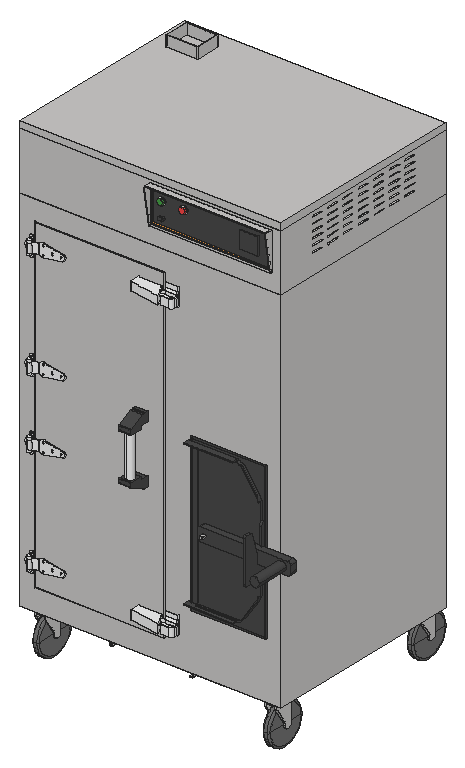
Revit family "QF_Southern Pride_SRG-400", category Specialty Equipment, Revit 2019 (continued)
Dimensions and locks
  locked: plane 3 "RIGHT" to Extrusion 22 sketch curve at 79.375
  locked: plane 4 "TOP" to plane 33 "Top Inside" at 254
  locked: Extrusion 28 sketch curve to plane 3 "RIGHT" at 3.175
  locked: plane 5 "LEFT" to Extrusion 28 sketch curve at 3.175
  locked: Extrusion 28 sketch curve to plane 1 "BACK" at 3.175
  locked: Extrusion 28 sketch curve to plane 6 "FRONT" at 3.175
  locked: plane 4 "TOP" to plane 34 at 25.4
  aligned and locked: level to plane 2
  aligned and locked: plane 5 "LEFT" to Extrusion 1 sketch curve
  aligned and locked: plane 7 "Box Bottom" to Extrusion 1 sketch curve
  aligned and locked: Extrusion 1 sketch curve to plane 3 "RIGHT"
  aligned and locked: plane 6 "FRONT" to Extrusion 1
  aligned and locked: plane 6 "FRONT" to Extrusion 2
  aligned and locked: plane 8 "Vent Top" to Extrusion 3
  aligned and locked: plane 15 "Control Panel Left Inside" to Extrusion 4
  aligned and locked: Extrusion 5 sketch curve to plane 6 "FRONT"
  aligned and locked: plane 14 "Control Panel Right" to Extrusion 5
  aligned and locked: Extrusion 4 sketch curve to plane 6 "FRONT"
  aligned and locked: Extrusion 6 sketch curve to plane 6 "FRONT"
  aligned and locked: plane 16 "Control Panel Right Inside" to Extrusion 6
  aligned and locked: plane 1 "BACK" to curve 1
  aligned and locked: plane 5 "LEFT" to curve 2
  aligned and locked: curve 3 to plane 3 "RIGHT"
  aligned and locked: plane 3 "RIGHT" to curve 4
  aligned and locked: plane 6 "FRONT" to curve 4
  aligned and locked: plane 22 "Gas Connection CL FB" to Extrusion 17
  aligned and locked: plane 23 "Rear Clearance" to Extrusion 23 sketch curve
  aligned and locked: plane 26 "Gearbox Clearance" to Extrusion 23 sketch curve
  aligned and locked: Extrusion 23 sketch curve to plane 27 "Firebox Side Clearance"
  aligned and locked: Extrusion 24 to plane 26 "Gearbox Clearance"
  aligned and locked: plane 6 "FRONT" to Extrusion 24
  aligned and locked: Extrusion 25 sketch curve to plane 6 "FRONT"
  aligned and locked: Extrusion 25 sketch curve to plane 27 "Firebox Side Clearance"
  aligned and locked: Extrusion 26 sketch curve to plane 24 "Front Clearance"
  aligned and locked: Extrusion 26 sketch curve to plane 3 "RIGHT"
  aligned and locked: plane 5 "LEFT" to Extrusion 26 sketch curve
  aligned and locked: plane 1 "BACK" to Extrusion 27 sketch curve
  aligned and locked: plane 3 "RIGHT" to Extrusion 27
  aligned and locked: plane 4 "TOP" to Extrusion 23
  aligned and locked: plane 4 "TOP" to Extrusion 25
  aligned and locked: plane 4 "TOP" to Extrusion 24
  aligned and locked: plane 4 "TOP" to Extrusion 26
  aligned and locked: plane 23 "Rear Clearance" to curve 29
  aligned and locked: plane 6 "FRONT" to curve 28
  aligned and locked: plane 6 "FRONT" to curve 30
  aligned and locked: plane 5 "LEFT" to curve 31
  aligned and locked: plane 3 "RIGHT" to curve 31
  aligned and locked: plane 24 "Front Clearance" to curve 31
  aligned and locked: plane 26 "Gearbox Clearance" to curve 28
  aligned and locked: curve 30 to plane 27 "Firebox Side Clearance"
  aligned and locked: Extrusion 6 sketch curve to plane 29 "Control Panel Top"
  aligned and locked: plane 28 "Control Panel Bottom" to Extrusion 6 sketch curve
  aligned and locked: Extrusion 4 sketch curve to plane 28 "Control Panel Bottom"
  aligned and locked: plane 28 "Control Panel Bottom" to Extrusion 5 sketch curve
  aligned and locked: Extrusion 23 sketch curve to plane 30 "Access Back"
  aligned and locked: plane 25 "Top Clearance" to Extrusion 27
  aligned and locked: plane 30 "Access Back" to Extrusion 24 sketch curve
  aligned and locked: plane 30 "Access Back" to Extrusion 25 sketch curve
  aligned and locked: Extrusion 27 sketch curve to plane 6 "FRONT"
  aligned and locked: plane 3 "RIGHT" to Extrusion 25 sketch curve
  aligned and locked: Extrusion 24 sketch curve to plane 5 "LEFT"
  aligned and locked: Extrusion 27 to plane 8 "Vent Top"
  aligned and locked: Extrusion 1 sketch curve to plane 33 "Top Inside"
  aligned and locked: plane 5 "LEFT" to Extrusion 28 sketch curve
  aligned and locked: plane 1 "BACK" to Extrusion 28 sketch curve
  aligned and locked: Extrusion 28 sketch curve to plane 3 "RIGHT"
  aligned and locked: Extrusion 28 sketch curve to plane 6 "FRONT"
  aligned and locked: plane 34 to Extrusion 28
  aligned and locked: plane 1 "BACK" to Extrusion 29 sketch curve
  aligned and locked: plane 5 "LEFT" to Extrusion 29 sketch curve
  aligned and locked: Extrusion 29 sketch curve to plane 6 "FRONT"
  aligned and locked: Extrusion 29 sketch curve to plane 3 "RIGHT"
  aligned and locked: Extrusion 29 to plane 34
  aligned and locked: nested 2 to plane 6 "FRONT"
  aligned and locked: plane 3 "RIGHT" to Extrusion 30
Automatic sketch dimensions
  Extrusion 6 sketch curve to plane 29 "Control Panel Top" = 0.000"
  Extrusion 8 sketch curve to Extrusion 8 sketch curve = 0.1875"
  Extrusion 8 sketch curve to Extrusion 8 sketch curve = 0.125"
  Extrusion 10 sketch curve to Extrusion 10 sketch curve = 0.1875"
  Extrusion 10 sketch curve to Extrusion 10 sketch curve = 0.125"
  Revolve 14 sketch curve to plane 19 "Gas Connection to Box" = 0.000"
  Revolve 14 sketch curve to plane 1 "BACK" = 0.000"
  Revolve 14 sketch curve to Revolve 14 sketch curve = 0.428"
  Revolve 14 sketch curve to Revolve 14 sketch curve = 0.245"
  plane 19 "Gas Connection to Box" to Revolve 14 sketch curve = 0.250"
  Revolve 14 sketch curve to Revolve 14 sketch curve = 0.175"
  Revolve 14 sketch curve to Revolve 14 sketch curve = 0.1765"
  Revolve 14 sketch curve to plane 24 "Front Clearance" = 9.62416"
  Revolve 14 sketch curve to plane 23 "Rear Clearance" = 9.22105"
  Sweep 15 sketch curve to plane 19 "Gas Connection to Box" = 0.000"
  Sweep 15 sketch curve to plane 22 "Gas Connection CL FB" = 0.000"
  Sweep 15 sketch curve to plane 1 "BACK" = 0.750"
  Sweep 15 sketch curve to Sweep 15 sketch curve = 0.077"
  Sweep 15 sketch curve to Sweep 15 sketch curve = 0.125"
  Sweep 15 sketch curve to Sweep 15 sketch curve = 0.000"  (x2)
  Sweep 15 sketch curve to plane 17 "Gas Connection CL LR" = 0.000"
  Sweep 15 sketch curve to profile plane = 0.000"
  Revolve 16 sketch curve to plane 22 "Gas Connection CL FB" = 0.000"  (x2)
  Revolve 16 sketch curve to plane 20 "Gas Connection Bottom" = 0.000"
  Revolve 16 sketch curve to plane 22 "Gas Connection CL FB" = 0.2375"
  Revolve 16 sketch curve to plane 22 "Gas Connection CL FB" = 0.250"
  Revolve 16 sketch curve to plane 22 "Gas Connection CL FB" = 0.42125"
  Revolve 16 sketch curve to plane 22 "Gas Connection CL FB" = 0.425"
  Revolve 16 sketch curve to plane 22 "Gas Connection CL FB" = 0.4375"
  Revolve 16 sketch curve to Revolve 16 sketch curve = 0.01625"
  Revolve 16 sketch curve to Revolve 16 sketch curve = 0.000"
  Revolve 16 sketch curve to Revolve 16 sketch curve = 0.17125"  (x2)
  Revolve 16 sketch curve to Revolve 16 sketch curve = 0.164"  (x3)
  Revolve 16 sketch curve to Revolve 16 sketch curve = 0.1765"
  Revolve 16 sketch curve to Revolve 16 sketch curve = 0.21209"
  Revolve 16 sketch curve to Revolve 16 sketch curve = 0.23591"
  Revolve 16 sketch curve to level = 19.125"
  plane 25 "Top Clearance" to Revolve 16 sketch curve = 21.38866"
  Extrusion 17 sketch curve to plane 17 "Gas Connection CL LR" = 0.000"
  Extrusion 17 sketch curve to plane 18 "Gas Connection CL Elev" = 0.000"
  Revolve 18 sketch curve to plane 18 "Gas Connection CL Elev" = 0.000"
  Revolve 18 sketch curve to plane 22 "Gas Connection CL FB" = 0.000"
  Revolve 18 sketch curve to plane 18 "Gas Connection CL Elev" = 0.250"
  Revolve 18 sketch curve to Revolve 18 sketch curve = 0.125"
  Revolve 18 sketch curve to plane 22 "Gas Connection CL FB" = 0.800"
  Revolve 18 sketch curve to Revolve 18 sketch curve = 0.200"
  plane 11 "Door Back" to Revolve 18 sketch curve = 0.375"
  Revolve 18 sketch curve to plane 23 "Rear Clearance" = 51.26366"
  plane 22 "Gas Connection CL FB" to Extrusion 19 sketch curve = 0.620"
  Extrusion 19 sketch curve to plane 22 "Gas Connection CL FB" = 0.880"
  Extrusion 20 sketch curve to plane 17 "Gas Connection CL LR" = 0.000"
  plane 5 "LEFT" to Extrusion 21 sketch curve = 31.675"
  Extrusion 21 sketch curve to plane 22 "Gas Connection CL FB" = 0.9745"
  Extrusion 21 sketch curve to Extrusion 21 sketch curve = 0.313"
  plane 9 "Door Left" to Extrusion 21 sketch curve = 30.825"
  Extrusion 22 sketch curve to plane 21 "Electrical Connection CL Elev" = 0.000"
  plane 6 "FRONT" to Extrusion 24 sketch curve = 0.000"
  plane 26 "Gearbox Clearance" to Extrusion 24 sketch curve = 0.000"
  Extrusion 27 sketch curve to plane 25 "Top Clearance" = 0.000"
  plane 1 "BACK" to curve 10 = 0.000"
  plane 1 "BACK" to curve 9 = 0.000"
  curve 11 to plane 17 "Gas Connection CL LR" = 0.000"
  plane 22 "Gas Connection CL FB" to curve 11 = 0.000"
  curve 6 to plane 1 "BACK" = 0.428"
  curve 5 to curve 7 = 0.245"
  curve 6 to curve 15 = 0.207"
  plane 5 "LEFT" to curve 18 = 31.511"
  curve 7 to curve 18 = 0.207"
  curve 18 to curve 12 = 0.28563"
  curve 16 to curve 13 = 0.28563"
  curve 14 to plane 22 "Gas Connection CL FB" = 0.880"
  curve 14 to curve 27 = 0.0945"
  curve 14 to curve 26 = 0.0945"
  curve 20 to curve 20 = 0.313"
  plane 5 "LEFT" to curve 19 = 31.675"
  curve 19 to curve 19 = 0.313"
  curve 22 to curve 24 = 0.087"
  plane 9 "Door Left" to curve 15 = 30.989"
  curve 14 to curve 27 = 0.164"
  curve 15 to curve 6 = 0.3875"
  plane 17 "Gas Connection CL LR" to curve 13 = 0.500"
  plane 17 "Gas Connection CL LR" to curve 25 = 0.317"
  curve 24 to plane 17 "Gas Connection CL LR" = 0.317"
  curve 12 to curve 8 = 0.1015"
  plane 17 "Gas Connection CL LR" to curve 10 = 0.425"
  curve 9 to plane 17 "Gas Connection CL LR" = 0.425"
  plane 18 "Gas Connection CL Elev" to Extrusion 19 sketch curve = 3.15159"
  Extrusion 19 sketch curve to plane 19 "Gas Connection to Box" = 1.885"
  Extrusion 20 sketch curve to plane 19 "Gas Connection to Box" = 2.96045"
  Revolve 18 sketch curve to Revolve 18 sketch curve = 0.2265"
  plane 1 "BACK" to Extrusion 3 sketch curve = 6.500"
  Extrusion 3 sketch curve to Extrusion 3 sketch curve = 0.125"
  Extrusion 3 sketch curve to plane 9 "Door Left" = 0.125"
  plane 1 "BACK" to Extrusion 3 sketch curve = 2.625"
  plane 9 "Door Left" to Extrusion 3 sketch curve = 4.625"
  Extrusion 3 sketch curve to Extrusion 3 sketch curve = 0.000"  (x7)
  plane 1 "BACK" to curve 34 = 2.625"
  curve 34 to curve 32 = 0.125"
  plane 9 "Door Left" to curve 33 = 4.750"
  curve 33 to curve 33 = 3.750"
  curve 32 to plane 9 "Door Left" = 0.125"
  curve 35 to curve 36 = 0.125"
  curve 37 to curve 37 = 0.125"
  curve 38 to curve 32 = 0.125"
  plane 28 "Control Panel Bottom" to Extrusion 30 sketch curve = 2.4375"
  Extrusion 30 sketch curve to plane 11 "Door Back" = 4.875"
  Extrusion 30 sketch curve to plane 29 "Control Panel Top" = 0.5625"
  Extrusion 30 sketch curve to Extrusion 30 sketch curve = 0.000"  (x26)
  plane 28 "Control Panel Bottom" to Extrusion 30 sketch curve = 0.4375"  (x7)
  Extrusion 30 sketch curve to plane 29 "Control Panel Top" = 0.1875"  (x7)
  Extrusion 30 sketch curve to Extrusion 30 sketch curve = 0.375"  (x41)
  Extrusion 30 sketch curve to Extrusion 30 sketch curve = 1.500"  (x21)
  Extrusion 30 sketch curve to Extrusion 30 sketch curve = 0.750"  (x36)
  Extrusion 30 sketch curve to Extrusion 30 sketch curve = 0.625"  (x27)
  Extrusion 31 sketch curve to plane 13 "Control Panel Left" = 0.625"  (x6)
  Extrusion 31 sketch curve to plane 28 "Control Panel Bottom" = 0.1875"  (x5)
  plane 28 "Control Panel Bottom" to Extrusion 31 sketch curve = 0.1875"  (x11)
  Extrusion 31 sketch curve to Extrusion 31 sketch curve = 0.375"  (x55)
  Extrusion 31 sketch curve to Extrusion 31 sketch curve = 0.750"  (x54)
  Extrusion 31 sketch curve to Extrusion 31 sketch curve = 1.500"  (x24)
  Extrusion 31 sketch curve to Extrusion 31 sketch curve = 0.000"  (x34)
  plane 12 "Center LR" to Extrusion 31 sketch curve = 0.750"  (x4)
  Extrusion 31 sketch curve to plane 10 "Door Right" = 0.250"  (x6)
  plane 10 "Door Right" to Extrusion 31 sketch curve = 0.125"  (x6)
  plane 17 "Gas Connection CL LR" to Extrusion 31 sketch curve = 0.625"  (x4)
  Extrusion 31 sketch curve to Extrusion 31 sketch curve = 0.625"  (x55)
  Extrusion 32 sketch curve to Extrusion 32 sketch curve = 0.000"  (x8)
  Extrusion 32 sketch curve to plane 7 "Box Bottom" = 0.000"  (x2)
  Extrusion 32 sketch curve to plane 13 "Control Panel Left" = 7.125"
  Extrusion 32 sketch curve to Extrusion 32 sketch curve = 0.6245"  (x2)
  Extrusion 32 sketch curve to Extrusion 32 sketch curve = 0.063"  (x4)
  Extrusion 32 sketch curve to Extrusion 32 sketch curve = 0.125"
  Extrusion 32 sketch curve to Extrusion 32 sketch curve = 0.3745"  (x2)
  Extrusion 32 sketch curve to plane 7 "Box Bottom" = 0.6875"
  plane 10 "Door Right" to Extrusion 32 sketch curve = 3.875"
  Extrusion 32 sketch curve to plane 7 "Box Bottom" = 0.188"
  Extrusion 32 sketch curve to Extrusion 32 sketch curve = 0.4995"
  radius of Extrusion 8 sketch curve = 0.4375"  (x2)
  radius of Extrusion 11 sketch curve = 0.4375"
  radius of Extrusion 12 sketch curve = 0.4375"
  radius of Extrusion 13 sketch curve = 0.4375"  (x2)
  radius of Extrusion 13 sketch curve = 0.5625"  (x2)
  radius of Sweep 15 sketch curve = 0.250"
  radius of Sweep 15 sketch curve = 0.500"
  radius of Extrusion 17 sketch curve = 0.250"
  radius of Extrusion 20 sketch curve = 0.317"
  radius of Extrusion 22 sketch curve = 0.500"
Nested families
  nested 1: "Southern Pride_SRG-400 Door" at (412.75, -790.575, 279.4), Show Clearance <- "Show Clearance", type "Southern Pride_SRG-400 Door"
    with Symbolic Lines yes, Show Clearance yes, Door Symbolic Lines no
  nested 2: "Southern Pride_SRG-400 Firebox" at (521.825, -1236.744, 415.925) x (0, -1, 0) z (0, 0, 1), Show Clearance <- "Show Clearance", type "Southern Pride_SRG-400 Firebox"
    with Symbolic Lines yes, Show Clearance yes
  nested 3: "FESCasterLeg-2018" at (409.575, -50.8, 0), Overall Height <- "Caster Height", type "FESCasterLeg-2018"
    with Standard Caster Mount yes, Overall Height 7.500", Optional Caster Mount no, Mount Depth 1.250", Leg Material QF_Stainless-Polished, Leg no, Caster Straight SL no, Caster Radius 3.250", Caster Mount Diameter 1.500", Caster 45 Degree SL yes, Caster 45 Degree Lines yes, Caster yes
  nested 4: "FESCasterLeg-2018" at (409.575, -765.175, 0), Overall Height <- "Caster Height", type "FESCasterLeg-2018"
    with Standard Caster Mount yes, Overall Height 7.500", Optional Caster Mount no, Mount Depth 1.250", Leg Material QF_Stainless-Polished, Leg no, Caster Straight SL no, Caster Radius 3.250", Caster Mount Diameter 1.500", Caster 45 Degree SL yes, Caster 45 Degree Lines yes, Caster yes
  nested 5: "FESCasterLeg-2018" at (1323.975, -50.8, 0), Overall Height <- "Caster Height", type "FESCasterLeg-2018"
    with Standard Caster Mount yes, Overall Height 7.500", Optional Caster Mount no, Mount Depth 1.250", Leg Material QF_Stainless-Polished, Leg no, Caster Straight SL no, Caster Radius 3.250", Caster Mount Diameter 1.500", Caster 45 Degree SL yes, Caster 45 Degree Lines yes, Caster yes
  nested 6: "FESCasterLeg-2018" at (1323.975, -765.175, 0), Overall Height <- "Caster Height", type "FESCasterLeg-2018"
    with Standard Caster Mount yes, Overall Height 7.500", Optional Caster Mount no, Mount Depth 1.250", Leg Material QF_Stainless-Polished, Leg no, Caster Straight SL no, Caster Radius 3.250", Caster Mount Diameter 1.500", Caster 45 Degree SL yes, Caster 45 Degree Lines yes, Caster yes
  nested 7: "Southern Pride_Pan" at (708.025, -124.076, 176.212), type "Southern Pride_Pan"
    with Width 12.500", Symbolic Lines yes, Pan Depth 5.500", Material QF_Stainless-Polished, Horizontal Depth 20.000"
Connectors
  piping at (753.981, 63.5, 533.4), diameter 12.7, driven by "Gas Size"
    settings: on Revolve 18, index 2, connector inside diameter 24", connector length 0.000", flow factor 0, pipe flow 0 GPM, pressure drop 0.00 psi, fitting loss kfactor 0, connector angle 0.00°, fixture units 0, engagement length 0.000", angle of deflection 0.00°, flow configuration 1, flow direction 1, fitting loss method 0, system type 22, joint type 0, gender type 0, connector reference index -1, connector utility 0, adjustable connector no, is connector primary yes, connector description "Gas Connection"
  electrical at (884.156, -1.6, 765.175), driven by "Number of Poles", driven by "Volts", driven by "Apparent Power"
    settings: on cut or joined group of Extrusion 1, Extrusion 2, Extrusion 17, Extrusion 22, index 4, voltage 120 V, apparent load 1800 VA, apparent load phase1 0 VA, apparent load phase2 0 VA, apparent load phase3 0 VA, power factor 1, load classification "Other", number of poles 1, system type 30, power factor state 1, is connector primary yes, connector utility no, sub classification motor no, connector description "Electric Connection"
Definition of nested family "Southern Pride_SRG-400 Door"
  Parameters (values of type "Southern Pride_SRG-400 Door")
    Width = 20.000"  # constant formula
    Watermarked By = ""
    Symbolic Lines [instance] = yes
    Show Clearance [instance] = yes
    Model = ""
    Manufacturer = ""
    Keynote = ""
    Height = 51.000"  # constant formula
    Door Symbolic Lines [instance] = yes
    Description = ""
  Reference planes
    plane 1 "BACK": y = 0
    plane 2: z = 0
    plane 3 "LEFT": x = -420.769
    plane 4 "FRONT": y = -25.4
    plane 5 "RIGHT": x = 87.231
    plane 6 "TOP": z = 1295.4
    plane 7 "Handle CL LR": x = -1.669
    plane 8 "Center Elev": z = 647.7
    plane 9 "Handle Inside Top": z = 731.837
    plane 10 "Handle Top": z = 782.637
    plane 11 "Handle Bottom": z = 512.762
    plane 12 "Handle Inside Bottom": z = 563.562
    plane 13 "Handle CL FB": y = -84.137
    plane 14 "TopBottom Door Locks CL LR": x = 47.543
    plane 15 "Left Hinge CL LR": x = -437.838
    plane 16 "Left Hinge CL FB": y = -38.1
    plane 17: x = -406.129
    plane 18 "Left Bottom Hinge CL Elev": z = 85.725
    plane 19 "Bottom Latch CL Elev": z = 63.5
    plane 20 "Center Top Hinge CL Elev": z = 785.812
    plane 21 "Center Bottom Hinge CL Elev": z = 509.587
    plane 22 "Top Latch CL Elev": z = 1231.9
    plane 23 "Left Top Hinge CL Elev": z = 1209.675
  Forms (mm)
    Extrusion 1, solid
      sketch origin (0, 0, 563.562) x (0, 1, 0) y (-1, 0, 0)
        loop
          circle (-84.137, 1.669) r 15.875
      from 0 to 168.275
    Extrusion 2, solid
      sketch origin (0, 0, 0) x (1, 0, 0) y (0, 0, 1)
        loop
          line (-420.769, 1295.4) -> (-420.769, 0) -> (87.231, 0) -> (87.231, 1295.4) -> (-420.769, 1295.4)
      from 0 to 25.4
    Extrusion 3, solid
      sketch origin (-1.669, 0, 0) x (0, 1, 0) y (0, 0, 1)
        loop
          arc (-61.925, 731.837) -> (-60.794, 732.306) -> (-60.325, 733.438) r 1.6
          line (-60.325, 733.438) -> (-60.325, 742.937)
          arc (-60.325, 742.937) -> (-59.856, 744.069) -> (-58.725, 744.537) r 1.6
          line (-58.725, 744.537) -> (-25.4, 744.537) -> (-25.4, 782.637) -> (-39.675, 782.637)
          arc (-39.675, 782.637) -> (-40.806, 782.169) -> (-41.275, 781.037) r 1.6
          line (-41.275, 781.037) -> (-41.275, 779.462) -> (-47.625, 779.462) -> (-107.035, 751.321)
          arc (-107.035, 751.321) -> (-107.702, 750.731) -> (-107.95, 749.875) r 1.6
          line (-107.95, 749.875) -> (-107.95, 733.438)
          arc (-107.95, 733.438) -> (-107.481, 732.306) -> (-106.35, 731.837) r 1.6
          line (-106.35, 731.837) -> (-61.925, 731.837)
      from -23.825 to 23.825
    Extrusion 4, solid
      sketch origin (-1.669, 0, 493.712) x (0, 1, 0) y (0, 0, 1)
        loop
          line (-61.925, 69.85) -> (-106.35, 69.85)
          arc (-106.35, 69.85) -> (-107.481, 69.381) -> (-107.95, 68.25) r 1.6
          line (-107.95, 68.25) -> (-107.95, 51.813)
          arc (-107.95, 51.813) -> (-107.702, 50.957) -> (-107.035, 50.366) r 1.6
          line (-107.035, 50.366) -> (-47.625, 22.225) -> (-41.275, 22.225) -> (-41.275, 20.65)
          arc (-41.275, 20.65) -> (-40.806, 19.519) -> (-39.675, 19.05) r 1.6
          line (-39.675, 19.05) -> (-25.4, 19.05) -> (-25.4, 57.15) -> (-58.725, 57.15)
          arc (-58.725, 57.15) -> (-59.856, 57.619) -> (-60.325, 58.75) r 1.6
          line (-60.325, 58.75) -> (-60.325, 68.25)
          arc (-60.325, 68.25) -> (-60.794, 69.381) -> (-61.925, 69.85) r 1.6
      from -23.825 to 23.825
    Extrusion 5, solid
      sketch origin (0, -25.4, -28.575) x (-1, 0, 0) y (0, 0, 1)
        loop
          arc (426.67, 1212.992) -> (427.697, 1207.22) -> (430.651, 1202.155) r 16.739
          arc (430.651, 1202.155) -> (438.846, 1199.405) -> (445.1, 1205.372) r 8.367
          arc (445.1, 1205.372) -> (450.163, 1217.507) -> (458.16, 1227.945) r 51.01
          arc (458.16, 1227.945) -> (462.527, 1238.25) -> (458.16, 1248.555) r 14.343
          arc (458.16, 1248.555) -> (450.163, 1258.993) -> (445.1, 1271.128) r 51.01
          arc (445.1, 1271.128) -> (438.846, 1277.095) -> (430.651, 1274.345) r 8.367
          arc (430.651, 1274.345) -> (427.697, 1269.28) -> (426.67, 1263.508) r 16.739
          line (426.67, 1263.508) -> (426.67, 1212.992)
        loop
          circle (437.028, 1268.928) r 4.232
        loop
          circle (437.028, 1207.572) r 4.232
        loop
          circle (452.166, 1238.25) r 4.232
        loop
          line (386.065, 1263.462) -> (312.365, 1249.978)
          arc (312.365, 1249.978) -> (304.265, 1238.25) -> (312.365, 1226.522) r 12.54
          line (312.365, 1226.522) -> (386.065, 1213.038)
          arc (386.065, 1213.038) -> (392.907, 1213.144) -> (399.187, 1215.862) r 17.525
          arc (399.187, 1215.862) -> (402.546, 1217.891) -> (406.129, 1219.49) r 31.788
          line (406.129, 1219.49) -> (406.129, 1257.01)
          arc (406.129, 1257.01) -> (402.546, 1258.609) -> (399.187, 1260.638) r 31.788
          arc (399.187, 1260.638) -> (392.907, 1263.356) -> (386.065, 1263.462) r 17.525
        loop
          circle (316.805, 1238.25) r 4.232
        loop
          circle (351.864, 1238.25) r 4.232
        loop
          circle (386.924, 1256.576) r 4.232
        loop
          circle (386.924, 1219.924) r 4.232
      from 0 to -3.175
    Extrusion 6, solid
      sketch origin (0, 0, 1209.675) x (0, 1, 0) y (-1, 0, 0)
        loop
          arc (-38.1, 445.755) -> (-46.017, 437.838) -> (-38.1, 429.921) r 7.917
          line (-38.1, 429.921) -> (-28.575, 429.921) -> (-28.575, 445.755) -> (-38.1, 445.755)
      from 19.126 to 25.502
    Extrusion 7, solid
      sketch origin (0, 0, 1209.675) x (0, 1, 0) y (-1, 0, 0)
        loop
          arc (-38.1, 445.755) -> (-46.017, 437.838) -> (-38.1, 429.921) r 7.917
          line (-38.1, 429.921) -> (-28.575, 429.921) -> (-28.575, 445.755) -> (-38.1, 445.755)
      from -19.126 to -25.502
    Extrusion 8, solid
      sketch origin (0, 0, 1209.675) x (0, 1, 0) y (-1, 0, 0)
        loop
          circle (-38.1, 437.838) r 7.28
      from -19.126 to 19.126
    Extrusion 9, solid
      sketch origin (0, 0, 85.725) x (0, 1, 0) y (-1, 0, 0)
        loop
          arc (-38.1, 445.755) -> (-46.017, 437.838) -> (-38.1, 429.921) r 7.917
          line (-38.1, 429.921) -> (-28.575, 429.921) -> (-28.575, 445.755) -> (-38.1, 445.755)
      from 19.126 to 25.502
    Extrusion 10, solid
      sketch origin (0, 0, 85.725) x (0, 1, 0) y (-1, 0, 0)
        loop
          arc (-38.1, 445.755) -> (-46.017, 437.838) -> (-38.1, 429.921) r 7.917
          line (-38.1, 429.921) -> (-28.575, 429.921) -> (-28.575, 445.755) -> (-38.1, 445.755)
      from -19.126 to -25.502
    Extrusion 11, solid
      sketch origin (0, 0, 85.725) x (0, 1, 0) y (-1, 0, 0)
        loop
          circle (-38.1, 437.838) r 7.28
      from -19.126 to 19.126
    Extrusion 12, solid
      sketch origin (0, 0, 1209.675) x (0, 1, 0) y (-1, 0, 0)
        loop
          arc (-30.887, 436.854) -> (-41.558, 444.244) -> (-41.235, 431.268) r 7.28
          arc (-41.235, 431.268) -> (-32.967, 419.675) -> (-28.575, 406.129) r 46.716
          line (-28.575, 406.129) -> (-25.361, 406.129)
          arc (-25.361, 406.129) -> (-26.575, 411.853) -> (-28.45, 417.395) r 49.891
          arc (-28.45, 417.395) -> (-30.942, 426.965) -> (-30.887, 436.854) r 38.1
      from -18.771 to 18.771
    Extrusion 13, solid
      sketch origin (0, 0, 85.725) x (0, 1, 0) y (-1, 0, 0)
        loop
          arc (-30.887, 436.854) -> (-41.558, 444.244) -> (-41.235, 431.268) r 7.28
          arc (-41.235, 431.268) -> (-32.967, 419.675) -> (-28.575, 406.129) r 46.716
          line (-28.575, 406.129) -> (-25.361, 406.129)
          arc (-25.361, 406.129) -> (-26.575, 411.853) -> (-28.45, 417.395) r 49.891
          arc (-28.45, 417.395) -> (-30.942, 426.965) -> (-30.887, 436.854) r 38.1
      from -18.771 to 18.771
    Extrusion 14, solid, visible <- "Show Clearance", detail levels coarse+medium
      sketch origin (0, 0, 0) x (1, 0, 0) y (0, 1, 0)
        loop
          line (-437.838, -84.137) -> (-437.838, -533.4)
          arc (-437.838, -533.4) -> (-87.17, -411.774) -> (87.231, -84.137) r 508.103
          line (87.231, -84.137) -> (-437.838, -84.137)
      from 0 to 1295.4
    Extrusion 15, solid
      sketch origin (0, -25.4, 28.575) x (-1, 0, 0) y (0, 0, 1)
        loop
          arc (426.67, 31.892) -> (427.697, 26.12) -> (430.651, 21.055) r 16.739
          arc (430.651, 21.055) -> (438.846, 18.305) -> (445.1, 24.272) r 8.367
          arc (445.1, 24.272) -> (450.163, 36.407) -> (458.16, 46.845) r 51.01
          arc (458.16, 46.845) -> (462.527, 57.15) -> (458.16, 67.455) r 14.343
          arc (458.16, 67.455) -> (450.163, 77.893) -> (445.1, 90.028) r 51.01
          arc (445.1, 90.028) -> (438.846, 95.995) -> (430.651, 93.245) r 8.367
          arc (430.651, 93.245) -> (427.697, 88.18) -> (426.67, 82.408) r 16.739
          line (426.67, 82.408) -> (426.67, 31.892)
        loop
          circle (437.028, 87.828) r 4.232
        loop
          circle (437.028, 26.472) r 4.232
        loop
          circle (452.166, 57.15) r 4.232
        loop
          line (386.065, 82.362) -> (312.365, 68.878)
          arc (312.365, 68.878) -> (304.265, 57.15) -> (312.365, 45.422) r 12.54
          line (312.365, 45.422) -> (386.065, 31.938)
          arc (386.065, 31.938) -> (392.907, 32.044) -> (399.187, 34.762) r 17.525
          arc (399.187, 34.762) -> (402.546, 36.791) -> (406.129, 38.39) r 31.788
          line (406.129, 38.39) -> (406.129, 75.91)
          arc (406.129, 75.91) -> (402.546, 77.509) -> (399.187, 79.538) r 31.788
          arc (399.187, 79.538) -> (392.907, 82.256) -> (386.065, 82.362) r 17.525
        loop
          circle (316.805, 57.15) r 4.232
        loop
          circle (351.864, 57.15) r 4.232
        loop
          circle (386.924, 75.476) r 4.232
        loop
          circle (386.924, 38.824) r 4.232
      from 0 to -3.175
    Extrusion 16, solid
      sketch origin (87.225, 0, 63.5) x (0, 1, 0) y (-1, 0, 0)
        loop
          line (-25.4, 100.012) -> (-62.693, 100.012)
          arc (-62.693, 100.012) -> (-64.755, 99.252) -> (-65.829, 97.334) r 3.175
          line (-65.829, 97.334) -> (-84.617, -21.285) -> (-35.369, 0) -> (-35.369, 3.175)
          arc (-35.369, 3.175) -> (-33.56, 4.985) -> (-31.75, 3.175) r 1.81
          line (-31.75, 3.175) -> (-25.4, 3.175) -> (-25.4, 100.012)
      from -16.815 to 16.815
    Extrusion 17, solid
      sketch origin (87.225, 0, 63.5) x (0, 1, 0) y (-1, 0, 0)
        loop
          arc (-74.832, -54.361) -> (-69.303, -61.438) -> (-62.227, -55.909) r 6.35
          line (-62.227, -55.909) -> (-59.518, -33.849)
          arc (-59.518, -33.849) -> (-59.879, -24.561) -> (-63.161, -15.863) r 28.996
          arc (-63.161, -15.863) -> (-63.422, -13.28) -> (-61.668, -11.366) r 3.175
          line (-61.668, -11.366) -> (-77.426, -18.177)
          arc (-77.426, -18.177) -> (-73.042, -24.589) -> (-72.124, -32.302) r 16.296
          line (-72.124, -32.302) -> (-74.832, -54.361)
      from 12.192 to 10.617
    Extrusion 18, solid
      sketch origin (87.225, -25.4, 15.957) x (0, 0, -1) y (-1, 0, 0)
        loop
          line (-12.486, -7.066) -> (-82.6, -7.066) -> (-82.6, -56.469) -> (-12.486, -56.469) -> (-12.486, -7.066)
      from 0 to -3.175
    Extrusion 19, solid
      sketch origin (87.225, 0, 63.5) x (0, 1, 0) y (-1, 0, 0)
        loop
          arc (-84.138, -65.088) -> (-80.418, -74.068) -> (-71.438, -77.788) r 12.7
          line (-71.438, -77.788) -> (-60.579, -77.788)
          arc (-60.579, -77.788) -> (-51.599, -74.068) -> (-47.879, -65.088) r 12.7
          line (-47.879, -65.088) -> (-47.879, -24.412)
          arc (-47.879, -24.412) -> (-49.203, -15.637) -> (-53.056, -7.644) r 29.746
          line (-53.056, -7.644) -> (-56.031, -8.93)
          arc (-56.031, -8.93) -> (-52.329, -16.281) -> (-51.054, -24.412) r 26.571
          line (-51.054, -24.412) -> (-51.054, -65.088)
          arc (-51.054, -65.088) -> (-53.844, -71.823) -> (-60.579, -74.613) r 9.525
          line (-60.579, -74.613) -> (-71.438, -74.613)
          arc (-71.438, -74.613) -> (-78.173, -71.823) -> (-80.963, -65.088) r 9.525
          line (-80.963, -65.088) -> (-80.963, -31.877) -> (-84.138, -31.877) -> (-84.138, -65.088)
      from -12.751 to 19.126
    Extrusion 20, solid
      sketch origin (87.225, 0, 63.5) x (0, 1, 0) y (-1, 0, 0)
        loop
          circle (-68.528, -54.361) r 12.435
      from -10.617 to 10.617
    Extrusion 21, solid
      sketch origin (87.225, 0, 63.5) x (0, 1, 0) y (-1, 0, 0)
        loop
          arc (-74.832, -54.361) -> (-69.303, -61.438) -> (-62.227, -55.909) r 6.35
          line (-62.227, -55.909) -> (-59.518, -33.849)
          arc (-59.518, -33.849) -> (-59.879, -24.561) -> (-63.161, -15.863) r 28.996
          arc (-63.161, -15.863) -> (-63.422, -13.28) -> (-61.668, -11.366) r 3.175
          line (-61.668, -11.366) -> (-77.426, -18.177)
          arc (-77.426, -18.177) -> (-73.042, -24.589) -> (-72.124, -32.302) r 16.296
          line (-72.124, -32.302) -> (-74.832, -54.361)
      from -12.192 to -10.617
    Extrusion 22, solid
      sketch origin (87.225, 0, 63.5) x (0, 1, 0) y (-1, 0, 0)
        loop
          line (-28.575, -7.066) -> (-47.879, -24.412) -> (-47.879, -65.088) -> (-28.575, -56.469) -> (-28.575, -7.066)
      from -12.751 to 19.126
    Extrusion 23, solid
      sketch origin (0, 0, 509.587) x (0, 1, 0) y (-1, 0, 0)
        loop
          arc (-38.1, 445.755) -> (-46.017, 437.838) -> (-38.1, 429.921) r 7.917
          line (-38.1, 429.921) -> (-28.575, 429.921) -> (-28.575, 445.755) -> (-38.1, 445.755)
      from 19.126 to 25.502
    Extrusion 24, solid
      sketch origin (0, 0, 509.587) x (0, 1, 0) y (-1, 0, 0)
        loop
          arc (-38.1, 445.755) -> (-46.017, 437.838) -> (-38.1, 429.921) r 7.917
          line (-38.1, 429.921) -> (-28.575, 429.921) -> (-28.575, 445.755) -> (-38.1, 445.755)
      from -19.126 to -25.502
    Extrusion 25, solid
      sketch origin (0, 0, 509.587) x (0, 1, 0) y (-1, 0, 0)
        loop
          circle (-38.1, 437.838) r 7.28
      from -19.126 to 19.126
    Extrusion 26, solid
      sketch origin (0, 0, 509.587) x (0, 1, 0) y (-1, 0, 0)
        loop
          arc (-30.887, 436.854) -> (-41.558, 444.244) -> (-41.235, 431.268) r 7.28
          arc (-41.235, 431.268) -> (-32.967, 419.675) -> (-28.575, 406.129) r 46.716
          line (-28.575, 406.129) -> (-25.361, 406.129)
          arc (-25.361, 406.129) -> (-26.575, 411.853) -> (-28.45, 417.395) r 49.891
          arc (-28.45, 417.395) -> (-30.942, 426.965) -> (-30.887, 436.854) r 38.1
      from -18.771 to 18.771
    Extrusion 27, solid
      sketch origin (0, -25.4, -138.112) x (-1, 0, 0) y (0, 0, 1)
        loop
          arc (426.67, 622.442) -> (427.697, 616.67) -> (430.651, 611.605) r 16.739
          arc (430.651, 611.605) -> (438.846, 608.855) -> (445.1, 614.822) r 8.367
          arc (445.1, 614.822) -> (450.163, 626.957) -> (458.16, 637.395) r 51.01
          arc (458.16, 637.395) -> (462.527, 647.7) -> (458.16, 658.005) r 14.343
          arc (458.16, 658.005) -> (450.163, 668.443) -> (445.1, 680.578) r 51.01
          arc (445.1, 680.578) -> (438.846, 686.545) -> (430.651, 683.795) r 8.367
          arc (430.651, 683.795) -> (427.697, 678.73) -> (426.67, 672.958) r 16.739
          line (426.67, 672.958) -> (426.67, 622.442)
        loop
          circle (437.028, 678.378) r 4.232
        loop
          circle (437.028, 617.022) r 4.232
        loop
          circle (452.166, 647.7) r 4.232
        loop
          line (386.065, 672.912) -> (312.365, 659.428)
          arc (312.365, 659.428) -> (304.265, 647.7) -> (312.365, 635.972) r 12.54
          line (312.365, 635.972) -> (386.065, 622.488)
          arc (386.065, 622.488) -> (392.907, 622.594) -> (399.187, 625.312) r 17.525
          arc (399.187, 625.312) -> (402.546, 627.341) -> (406.129, 628.94) r 31.788
          line (406.129, 628.94) -> (406.129, 666.46)
          arc (406.129, 666.46) -> (402.546, 668.059) -> (399.187, 670.088) r 31.788
          arc (399.187, 670.088) -> (392.907, 672.806) -> (386.065, 672.912) r 17.525
        loop
          circle (316.805, 647.7) r 4.232
        loop
          circle (351.864, 647.7) r 4.232
        loop
          circle (386.924, 666.026) r 4.232
        loop
          circle (386.924, 629.374) r 4.232
      from 0 to -3.175
    Extrusion 28, solid
      sketch origin (0, 0, 785.812) x (0, 1, 0) y (-1, 0, 0)
        loop
          arc (-38.1, 445.755) -> (-46.017, 437.838) -> (-38.1, 429.921) r 7.917
          line (-38.1, 429.921) -> (-28.575, 429.921) -> (-28.575, 445.755) -> (-38.1, 445.755)
      from 19.126 to 25.502
    Extrusion 29, solid
      sketch origin (0, 0, 785.812) x (0, 1, 0) y (-1, 0, 0)
        loop
          arc (-38.1, 445.755) -> (-46.017, 437.838) -> (-38.1, 429.921) r 7.917
          line (-38.1, 429.921) -> (-28.575, 429.921) -> (-28.575, 445.755) -> (-38.1, 445.755)
      from -19.126 to -25.502
    Extrusion 30, solid
      sketch origin (0, 0, 785.812) x (0, 1, 0) y (-1, 0, 0)
        loop
          circle (-38.1, 437.838) r 7.28
      from -19.126 to 19.126
    Extrusion 31, solid
      sketch origin (0, 0, 785.812) x (0, 1, 0) y (-1, 0, 0)
        loop
          arc (-30.887, 436.854) -> (-41.558, 444.244) -> (-41.235, 431.268) r 7.28
          arc (-41.235, 431.268) -> (-32.967, 419.675) -> (-28.575, 406.129) r 46.716
          line (-28.575, 406.129) -> (-25.361, 406.129)
          arc (-25.361, 406.129) -> (-26.575, 411.853) -> (-28.45, 417.395) r 49.891
          arc (-28.45, 417.395) -> (-30.942, 426.965) -> (-30.887, 436.854) r 38.1
      from -18.771 to 18.771
    Extrusion 32, solid
      sketch origin (0, -25.4, 138.113) x (-1, 0, 0) y (0, 0, 1)
        loop
          arc (426.67, 622.442) -> (427.697, 616.67) -> (430.651, 611.605) r 16.739
          arc (430.651, 611.605) -> (438.846, 608.855) -> (445.1, 614.822) r 8.367
          arc (445.1, 614.822) -> (450.163, 626.957) -> (458.16, 637.395) r 51.01
          arc (458.16, 637.395) -> (462.527, 647.7) -> (458.16, 658.005) r 14.343
          arc (458.16, 658.005) -> (450.163, 668.443) -> (445.1, 680.578) r 51.01
          arc (445.1, 680.578) -> (438.846, 686.545) -> (430.651, 683.795) r 8.367
          arc (430.651, 683.795) -> (427.697, 678.73) -> (426.67, 672.958) r 16.739
          line (426.67, 672.958) -> (426.67, 622.442)
        loop
          circle (437.028, 678.378) r 4.232
        loop
          circle (437.028, 617.022) r 4.232
        loop
          circle (452.166, 647.7) r 4.232
        loop
          line (386.065, 672.912) -> (312.365, 659.428)
          arc (312.365, 659.428) -> (304.265, 647.7) -> (312.365, 635.972) r 12.54
          line (312.365, 635.972) -> (386.065, 622.488)
          arc (386.065, 622.488) -> (392.907, 622.594) -> (399.187, 625.312) r 17.525
          arc (399.187, 625.312) -> (402.546, 627.341) -> (406.129, 628.94) r 31.788
          line (406.129, 628.94) -> (406.129, 666.46)
          arc (406.129, 666.46) -> (402.546, 668.059) -> (399.187, 670.088) r 31.788
          arc (399.187, 670.088) -> (392.907, 672.806) -> (386.065, 672.912) r 17.525
        loop
          circle (316.805, 647.7) r 4.232
        loop
          circle (351.864, 647.7) r 4.232
        loop
          circle (386.924, 666.026) r 4.232
        loop
          circle (386.924, 629.374) r 4.232
      from 0 to -3.175
    Extrusion 33, solid
      sketch origin (87.225, 0, 1231.9) x (0, 1, 0) y (-1, 0, 0)
        loop
          line (-25.4, 100.012) -> (-62.693, 100.012)
          arc (-62.693, 100.012) -> (-64.755, 99.252) -> (-65.829, 97.334) r 3.175
          line (-65.829, 97.334) -> (-84.617, -21.285) -> (-35.369, 0) -> (-35.369, 3.175)
          arc (-35.369, 3.175) -> (-33.56, 4.985) -> (-31.75, 3.175) r 1.81
          line (-31.75, 3.175) -> (-25.4, 3.175) -> (-25.4, 100.012)
      from -16.815 to 16.815
    Extrusion 34, solid
      sketch origin (87.225, 0, 1231.9) x (0, 1, 0) y (-1, 0, 0)
        loop
          arc (-74.832, -54.361) -> (-69.303, -61.438) -> (-62.227, -55.909) r 6.35
          line (-62.227, -55.909) -> (-59.518, -33.849)
          arc (-59.518, -33.849) -> (-59.879, -24.561) -> (-63.161, -15.863) r 28.996
          arc (-63.161, -15.863) -> (-63.422, -13.28) -> (-61.668, -11.366) r 3.175
          line (-61.668, -11.366) -> (-77.426, -18.177)
          arc (-77.426, -18.177) -> (-73.042, -24.589) -> (-72.124, -32.302) r 16.296
          line (-72.124, -32.302) -> (-74.832, -54.361)
      from 12.192 to 10.617
    Extrusion 35, solid
      sketch origin (87.225, -25.4, 1184.357) x (0, 0, -1) y (-1, 0, 0)
        loop
          line (-12.486, -7.066) -> (-82.6, -7.066) -> (-82.6, -56.469) -> (-12.486, -56.469) -> (-12.486, -7.066)
      from 0 to -3.175
    Extrusion 36, solid
      sketch origin (87.225, 0, 1231.9) x (0, 1, 0) y (-1, 0, 0)
        loop
          arc (-84.138, -65.088) -> (-80.418, -74.068) -> (-71.438, -77.788) r 12.7
          line (-71.438, -77.788) -> (-60.579, -77.788)
          arc (-60.579, -77.788) -> (-51.599, -74.068) -> (-47.879, -65.088) r 12.7
          line (-47.879, -65.088) -> (-47.879, -24.412)
          arc (-47.879, -24.412) -> (-49.203, -15.637) -> (-53.056, -7.644) r 29.746
          line (-53.056, -7.644) -> (-56.031, -8.93)
          arc (-56.031, -8.93) -> (-52.329, -16.281) -> (-51.054, -24.412) r 26.571
          line (-51.054, -24.412) -> (-51.054, -65.088)
          arc (-51.054, -65.088) -> (-53.844, -71.823) -> (-60.579, -74.613) r 9.525
          line (-60.579, -74.613) -> (-71.438, -74.613)
          arc (-71.438, -74.613) -> (-78.173, -71.823) -> (-80.963, -65.088) r 9.525
          line (-80.963, -65.088) -> (-80.963, -31.877) -> (-84.138, -31.877) -> (-84.138, -65.088)
      from -12.751 to 19.126
    Extrusion 37, solid
      sketch origin (87.225, 0, 1231.9) x (0, 1, 0) y (-1, 0, 0)
        loop
          circle (-68.528, -54.361) r 12.435
      from -10.617 to 10.617
    Extrusion 38, solid
      sketch origin (87.225, 0, 1231.9) x (0, 1, 0) y (-1, 0, 0)
        loop
          arc (-74.832, -54.361) -> (-69.303, -61.438) -> (-62.227, -55.909) r 6.35
          line (-62.227, -55.909) -> (-59.518, -33.849)
          arc (-59.518, -33.849) -> (-59.879, -24.561) -> (-63.161, -15.863) r 28.996
          arc (-63.161, -15.863) -> (-63.422, -13.28) -> (-61.668, -11.366) r 3.175
          line (-61.668, -11.366) -> (-77.426, -18.177)
          arc (-77.426, -18.177) -> (-73.042, -24.589) -> (-72.124, -32.302) r 16.296
          line (-72.124, -32.302) -> (-74.832, -54.361)
      from -12.192 to -10.617
    Extrusion 39, solid
      sketch origin (87.225, 0, 1231.9) x (0, 1, 0) y (-1, 0, 0)
        loop
          line (-28.575, -7.066) -> (-47.879, -24.412) -> (-47.879, -65.088) -> (-28.575, -56.469) -> (-28.575, -7.066)
      from -12.751 to 19.126
  Lines and regions (mm)
    symbolic lines, visible <- "Door Symbolic Lines"
      curve 1: line (-420.769, 0, 0) -> (87.231, 0, 0)
      curve 2: line (-420.769, -25.4, 0) -> (-420.769, 0, 0)
      curve 4: line (87.231, 0, 0) -> (87.231, -25.4, 0)
    symbolic lines, visible <- "Symbolic Lines"
      curve 3: line (87.231, -25.4, 0) -> (-420.769, -25.4, 0)
      curve 5: line (-25.495, -25.4, 0) -> (-25.495, -107.95, 0)
      curve 6: line (22.156, -107.95, 0) -> (22.156, -70.939, 0)
      curve 7: line (-25.495, -107.95, 0) -> (22.156, -107.95, 0)
      curve 10: line (-462.527, -25.4, 0) -> (-426.67, -25.4, 0)
      curve 11: line (-462.527, -28.575, 0) -> (-462.527, -25.4, 0)
      curve 12: line (-426.67, -28.575, 0) -> (-462.527, -28.575, 0)
      curve 13: line (-426.67, -25.4, 0) -> (-426.67, -28.575, 0)
      curve 14: line (-445.755, -28.575, 0) -> (-445.755, -38.1, 0)
      curve 15: arc (-445.755, -38.1, 0) -> (-437.838, -46.017, 0) -> (-429.921, -38.1, 0) r 7.917
      curve 16: arc (-430.216, -40.241, 0) -> (-419.026, -32.646, 0) -> (-406.129, -28.575, 0) r 46.716
      curve 17: arc (-417.395, -28.45, 0) -> (-423.542, -30.354, 0) -> (-429.921, -31.196, 0) r 38.1
      curve 18: line (-429.921, -38.1, 0) -> (-429.921, -28.575, 0)
      curve 19: line (-406.129, -28.575, 0) -> (-304.265, -28.575, 0)
      curve 20: line (-304.265, -28.575, 0) -> (-304.265, -25.4, 0)
      curve 21: arc (-406.38, -25.4, 0) -> (-411.975, -26.608, 0) -> (-417.395, -28.45, 0) r 49.891
      curve 29: line (143.695, -25.4, 0) -> (94.292, -25.4, 0)
      curve 30: line (143.695, -28.575, 0) -> (143.695, -25.4, 0)
      curve 31: line (94.292, -28.575, 0) -> (143.695, -28.575, 0)
      curve 32: line (94.292, -25.4, 0) -> (94.292, -28.575, 0)
      curve 33: line (94.292, -28.575, 0) -> (111.637, -47.879, 0)
      curve 34: line (152.313, -47.879, 0) -> (143.695, -28.575, 0)
      curve 35: line (111.637, -47.879, 0) -> (152.313, -47.879, 0)
      curve 36: arc (111.637, -47.879, 0) -> (102.863, -49.203, 0) -> (94.869, -53.056, 0) r 29.746
      curve 37: arc (165.013, -60.579, 0) -> (161.293, -51.599, 0) -> (152.313, -47.879, 0) r 12.7
      curve 38: line (165.013, -71.438, 0) -> (165.013, -60.579, 0)
      curve 39: arc (152.313, -84.138, 0) -> (161.293, -80.418, 0) -> (165.013, -71.438, 0) r 12.7
      curve 40: line (119.102, -84.137, 0) -> (152.313, -84.137, 0)
      curve 41: line (119.102, -80.962, 0) -> (119.102, -84.137, 0)
      curve 42: line (152.313, -80.962, 0) -> (119.102, -80.962, 0)
      curve 43: arc (161.838, -71.438, 0) -> (159.048, -78.173, 0) -> (152.313, -80.963, 0) r 9.525
      curve 44: line (161.838, -60.579, 0) -> (161.838, -71.438, 0)
      curve 45: arc (152.313, -51.054, 0) -> (159.048, -53.844, 0) -> (161.838, -60.579, 0) r 9.525
      curve 46: line (111.637, -51.054, 0) -> (152.313, -51.054, 0)
      curve 47: arc (96.155, -56.031, 0) -> (103.506, -52.329, 0) -> (111.637, -51.054, 0) r 26.571
      curve 48: arc (121.075, -59.518, 0) -> (110.037, -60.29, 0) -> (100.092, -65.14, 0) r 28.996
      curve 49: arc (105.402, -77.426, 0) -> (111.814, -73.042, 0) -> (119.527, -72.124, 0) r 16.296
      curve 50: line (119.527, -72.124, 0) -> (141.587, -74.832, 0)
      curve 51: arc (141.587, -74.832, 0) -> (148.663, -69.303, 0) -> (143.134, -62.227, 0) r 6.35
      curve 52: line (143.134, -62.227, 0) -> (121.075, -59.518, 0)
      curve 53: arc (130.159, -73.429, 0) -> (153.915, -70.15, 0) -> (131.816, -60.837, 0) r 12.435
    symbolic lines, visible <- "Show Clearance", detail levels coarse+medium
      curve 8: line (-437.838, -84.138, 0) -> (-437.838, -534.02, 0)
      curve 9: arc (-437.838, -534.02, 0) -> (-87.119, -412.001, 0) -> (87.231, -84.138, 0) r 508.7
    symbolic lines
      curve 22: line (-12.787, -25.4, 0) -> (-12.787, -62.693, 0)
      curve 23: arc (-12.787, -62.693, 0) -> (-12.026, -64.755, 0) -> (-10.109, -65.829, 0) r 3.175
      curve 24: line (-10.109, -65.829, 0) -> (108.51, -84.617, 0)
      curve 25: line (108.51, -84.617, 0) -> (87.225, -35.369, 0)
      curve 26: line (87.225, -35.369, 0) -> (84.05, -35.369, 0)
      curve 27: arc (84.05, -35.369, 0) -> (82.241, -33.56, 0) -> (84.05, -31.75, 0) r 1.81
      curve 28: line (84.05, -31.75, 0) -> (84.05, -25.4, 0)
  Dimensions and locks
    locked: plane 4 "FRONT" to plane 1 "BACK" at 25.4
    "Width": plane 5 "RIGHT" to plane 3 "LEFT"
    "Height": plane 6 "TOP" to plane 2
    plane 7 "Handle CL LR" to plane 5 "RIGHT" = 3.500"
    equal spacing: plane 6 "TOP", plane 8 "Center Elev", level
    locked: plane 10 "Handle Top" to plane 9 "Handle Inside Top" at 50.8
    locked: plane 12 "Handle Inside Bottom" to plane 11 "Handle Bottom" at 50.8
    locked: plane 4 "FRONT" to plane 13 "Handle CL FB" at 58.737
    plane 10 "Handle Top" to Extrusion 3 sketch curve to Extrusion 3 sketch curve = 0.063" locked, 0.062" locked
    Extrusion 3 sketch curve to Extrusion 3 sketch curve to Extrusion 3 sketch curve to plane 9 "Handle Inside Top" = 0.05694" locked, 0.64713" locked, 0.063" locked
    Extrusion 3 sketch curve to Extrusion 3 sketch curve to Extrusion 3 sketch curve to plane 9 "Handle Inside Top" = 0.063" locked, 0.374" locked, 0.063" locked
    Extrusion 3 sketch curve to Extrusion 3 sketch curve to Extrusion 3 sketch curve to plane 13 "Handle CL FB" = 0.03603" locked, 0.02697" locked, 0.8745" locked
    plane 13 "Handle CL FB" to Extrusion 3 sketch curve to Extrusion 3 sketch curve to Extrusion 3 sketch curve = 0.8745" locked, 0.063" locked, 0.063" locked
    plane 13 "Handle CL FB" to Extrusion 3 sketch curve to Extrusion 3 sketch curve to Extrusion 3 sketch curve = 1.4375" locked, 0.250" locked, 0.063" locked
    plane 12 "Handle Inside Bottom" to Extrusion 4 sketch curve to Extrusion 4 sketch curve to Extrusion 4 sketch curve = 0.063" locked, 0.64713" locked, 0.05694" locked
    plane 12 "Handle Inside Bottom" to Extrusion 4 sketch curve to Extrusion 4 sketch curve to Extrusion 4 sketch curve = 0.063" locked, 0.374" locked, 0.063" locked
    Extrusion 4 sketch curve to Extrusion 4 sketch curve to plane 11 "Handle Bottom" = 0.062" locked, 0.063" locked
    Extrusion 4 sketch curve to Extrusion 4 sketch curve to Extrusion 4 sketch curve to plane 13 "Handle CL FB" = 0.03603" locked, 0.02697" locked, 0.8745" locked
    plane 13 "Handle CL FB" to Extrusion 4 sketch curve to Extrusion 4 sketch curve to Extrusion 4 sketch curve = 0.8745" locked, 0.063" locked, 0.063" locked
    plane 13 "Handle CL FB" to Extrusion 4 sketch curve to Extrusion 4 sketch curve to Extrusion 4 sketch curve = 1.4375" locked, 0.250" locked, 0.063" locked
    equal spacing: plane 9 "Handle Inside Top", plane 8 "Center Elev", plane 12 "Handle Inside Bottom"
    locked: plane 9 "Handle Inside Top" to plane 12 "Handle Inside Bottom" at 168.275
    locked: plane 14 "TopBottom Door Locks CL LR" to plane 5 "RIGHT" at 39.688
    locked: plane 15 "Left Hinge CL LR" to plane 3 "LEFT" at 17.069
    locked: plane 4 "FRONT" to plane 16 "Left Hinge CL FB" at 12.7
    locked: plane 3 "LEFT" to plane 17 at 14.641
    "Width": plane 4 "FRONT" to Extrusion 14 sketch curve
    Extrusion 5 sketch curve to Extrusion 5 sketch curve to Extrusion 5 sketch curve to Extrusion 5 sketch curve = 0.1112" locked, 0.1428" locked, 0.27688" locked
    Extrusion 5 sketch curve to Extrusion 5 sketch curve to Extrusion 5 sketch curve to Extrusion 5 sketch curve = 0.27688" locked, 0.1428" locked, 0.1112" locked
    Extrusion 15 sketch curve to Extrusion 15 sketch curve to Extrusion 15 sketch curve to Extrusion 15 sketch curve = 0.1112" locked, 0.1428" locked, 0.27688" locked
    Extrusion 15 sketch curve to Extrusion 15 sketch curve to Extrusion 15 sketch curve to Extrusion 15 sketch curve = 0.27688" locked, 0.1428" locked, 0.1112" locked
    plane 18 "Left Bottom Hinge CL Elev" to level = 3.375"
    locked: plane 19 "Bottom Latch CL Elev" to level at 63.5
    locked: Extrusion 16 sketch curve to Extrusion 16 sketch curve at 3.619
    locked: Extrusion 16 sketch curve to Extrusion 16 sketch curve at 3.136
    Extrusion 27 sketch curve to Extrusion 27 sketch curve to Extrusion 27 sketch curve to Extrusion 27 sketch curve = 0.1112" locked, 0.1428" locked, 0.27688" locked
    Extrusion 27 sketch curve to Extrusion 27 sketch curve to Extrusion 27 sketch curve to Extrusion 27 sketch curve = 0.27688" locked, 0.1428" locked, 0.1112" locked
    Extrusion 32 sketch curve to Extrusion 32 sketch curve to Extrusion 32 sketch curve to Extrusion 32 sketch curve = 0.1112" locked, 0.1428" locked, 0.27688" locked
    Extrusion 32 sketch curve to Extrusion 32 sketch curve to Extrusion 32 sketch curve to Extrusion 32 sketch curve = 0.27688" locked, 0.1428" locked, 0.1112" locked
    plane 20 "Center Top Hinge CL Elev" to plane 8 "Center Elev" to plane 21 "Center Bottom Hinge CL Elev" = 5.4375" locked, 5.4375" locked
    plane 6 "TOP" to plane 22 "Top Latch CL Elev" = 2.500"
    plane 6 "TOP" to plane 23 "Left Top Hinge CL Elev" = 3.375"
    locked: Extrusion 33 sketch curve to Extrusion 33 sketch curve at 3.619
    locked: Extrusion 33 sketch curve to Extrusion 33 sketch curve at 3.136
    aligned and locked: level to plane 2
    aligned and locked: plane 9 "Handle Inside Top" to Extrusion 1
    aligned and locked: plane 2 to Extrusion 2 sketch curve
    aligned and locked: Extrusion 2 sketch curve to plane 5 "RIGHT"
    aligned and locked: Extrusion 2 sketch curve to plane 6 "TOP"
    aligned and locked: plane 3 "LEFT" to Extrusion 2 sketch curve
    aligned and locked: Extrusion 2 to plane 4 "FRONT"
    aligned and locked: plane 9 "Handle Inside Top" to Extrusion 3 sketch curve
    aligned and locked: plane 10 "Handle Top" to Extrusion 3 sketch curve
    aligned and locked: plane 4 "FRONT" to Extrusion 3 sketch curve
    aligned and locked: plane 12 "Handle Inside Bottom" to Extrusion 4 sketch curve
    aligned and locked: Extrusion 4 sketch curve to plane 4 "FRONT"
    aligned and locked: plane 11 "Handle Bottom" to Extrusion 4 sketch curve
    aligned and locked: Extrusion 14 sketch curve to plane 15 "Left Hinge CL LR"
    aligned and locked: plane 13 "Handle CL FB" to Extrusion 14 sketch curve
    aligned and locked: plane 6 "TOP" to Extrusion 14
    aligned and locked: plane 3 "LEFT" to curve 2
    aligned and locked: plane 4 "FRONT" to curve 3
    aligned and locked: curve 4 to plane 5 "RIGHT"
    aligned and locked: plane 1 "BACK" to curve 1
  Automatic sketch dimensions
    Extrusion 1 sketch curve to plane 7 "Handle CL LR" = 0.000"
    Extrusion 1 sketch curve to plane 13 "Handle CL FB" = 0.000"
    Extrusion 5 sketch curve to Extrusion 5 sketch curve = 0.000"  (x11)
    Extrusion 5 sketch curve to plane 23 "Left Top Hinge CL Elev" = 0.000"  (x4)
    Extrusion 5 sketch curve to plane 17 = 0.000"
    plane 23 "Left Top Hinge CL Elev" to Extrusion 5 sketch curve = 0.3139"
    plane 17 to Extrusion 5 sketch curve = 0.66572"
    Extrusion 5 sketch curve to plane 23 "Left Top Hinge CL Elev" = 0.3139"
    Extrusion 5 sketch curve to plane 22 "Top Latch CL Elev" = 0.1535"
    Extrusion 5 sketch curve to Extrusion 5 sketch curve = 0.09038"  (x2)
    Extrusion 5 sketch curve to Extrusion 5 sketch curve = 0.0338"  (x2)
    Extrusion 5 sketch curve to Extrusion 5 sketch curve = 1.47068"
    Extrusion 5 sketch curve to Extrusion 5 sketch curve = 1.3803"
    Extrusion 5 sketch curve to Extrusion 5 sketch curve = 0.1748"  (x2)
    Extrusion 5 sketch curve to plane 22 "Top Latch CL Elev" = 0.41328"
    plane 3 "LEFT" to Extrusion 5 sketch curve = 0.1379"  (x2)
    plane 22 "Top Latch CL Elev" to Extrusion 5 sketch curve = 0.1194"
    Extrusion 5 sketch curve to plane 3 "LEFT" = 0.2323"
    plane 15 "Left Hinge CL LR" to Extrusion 5 sketch curve = 0.0319"  (x2)
    Extrusion 5 sketch curve to plane 15 "Left Hinge CL LR" = 0.21933"  (x2)
    Extrusion 5 sketch curve to plane 15 "Left Hinge CL LR" = 0.4073"
    Extrusion 5 sketch curve to Extrusion 5 sketch curve = 0.1568"
    Extrusion 5 sketch curve to Extrusion 5 sketch curve = 2.0042"  (x2)
    plane 22 "Top Latch CL Elev" to Extrusion 5 sketch curve = 0.94738"
    Extrusion 5 sketch curve to plane 23 "Left Top Hinge CL Elev" = 1.82238"
    Extrusion 5 sketch curve to Extrusion 5 sketch curve = 0.70296"
    Extrusion 5 sketch curve to Extrusion 5 sketch curve = 0.2134"  (x2)
    Extrusion 5 sketch curve to Extrusion 5 sketch curve = 0.2711"
    plane 23 "Left Top Hinge CL Elev" to Extrusion 5 sketch curve = 0.40572"
    Extrusion 6 sketch curve to plane 16 "Left Hinge CL FB" = 0.000"
    Extrusion 6 sketch curve to plane 15 "Left Hinge CL LR" = 0.000"
    Extrusion 6 sketch curve to plane 4 "FRONT" = 0.125"
    plane 15 "Left Hinge CL LR" to Extrusion 6 sketch curve = 0.3117"
    Extrusion 7 sketch curve to plane 16 "Left Hinge CL FB" = 0.000"
    Extrusion 7 sketch curve to plane 15 "Left Hinge CL LR" = 0.000"
    Extrusion 7 sketch curve to plane 4 "FRONT" = 0.125"
    plane 15 "Left Hinge CL LR" to Extrusion 7 sketch curve = 0.3117"
    Extrusion 8 sketch curve to plane 15 "Left Hinge CL LR" = 0.000"
    Extrusion 8 sketch curve to plane 16 "Left Hinge CL FB" = 0.000"
    Extrusion 9 sketch curve to plane 16 "Left Hinge CL FB" = 0.000"
    Extrusion 9 sketch curve to plane 15 "Left Hinge CL LR" = 0.000"
    Extrusion 9 sketch curve to plane 4 "FRONT" = 0.125"
    plane 15 "Left Hinge CL LR" to Extrusion 9 sketch curve = 0.3117"
    Extrusion 10 sketch curve to plane 16 "Left Hinge CL FB" = 0.000"
    Extrusion 10 sketch curve to plane 15 "Left Hinge CL LR" = 0.000"
    Extrusion 10 sketch curve to plane 4 "FRONT" = 0.125"
    plane 15 "Left Hinge CL LR" to Extrusion 10 sketch curve = 0.3117"
    Extrusion 11 sketch curve to plane 15 "Left Hinge CL LR" = 0.000"
    Extrusion 11 sketch curve to plane 16 "Left Hinge CL FB" = 0.000"
    Extrusion 12 sketch curve to Extrusion 12 sketch curve = 0.000"  (x3)
    Extrusion 12 sketch curve to plane 15 "Left Hinge CL LR" = 0.000"
    Extrusion 12 sketch curve to plane 16 "Left Hinge CL FB" = 0.000"
    Extrusion 12 sketch curve to plane 17 = 0.000"
    plane 13 "Handle CL FB" to Extrusion 12 sketch curve = 0.37193"
    Extrusion 12 sketch curve to plane 4 "FRONT" = 0.125"
    plane 4 "FRONT" to Extrusion 12 sketch curve = 0.00152"
    Extrusion 12 sketch curve to plane 1 "BACK" = 0.27018"
    plane 17 to Extrusion 12 sketch curve = 0.29395"
    plane 15 "Left Hinge CL LR" to Extrusion 12 sketch curve = 0.24165"
    Extrusion 12 sketch curve to plane 16 "Left Hinge CL FB" = 0.12344"
    Extrusion 13 sketch curve to Extrusion 13 sketch curve = 0.000"  (x3)
    Extrusion 13 sketch curve to plane 15 "Left Hinge CL LR" = 0.000"
    Extrusion 13 sketch curve to plane 16 "Left Hinge CL FB" = 0.000"
    Extrusion 13 sketch curve to plane 17 = 0.000"
    plane 13 "Handle CL FB" to Extrusion 13 sketch curve = 0.37193"
    Extrusion 13 sketch curve to plane 4 "FRONT" = 0.125"
    plane 4 "FRONT" to Extrusion 13 sketch curve = 0.00152"
    Extrusion 13 sketch curve to plane 1 "BACK" = 0.27018"
    plane 17 to Extrusion 13 sketch curve = 0.29395"
    plane 15 "Left Hinge CL LR" to Extrusion 13 sketch curve = 0.24165"
    Extrusion 13 sketch curve to plane 16 "Left Hinge CL FB" = 0.12344"
    Extrusion 15 sketch curve to Extrusion 15 sketch curve = 0.000"  (x9)
    Extrusion 15 sketch curve to plane 18 "Left Bottom Hinge CL Elev" = 0.000"  (x4)
    Extrusion 15 sketch curve to plane 17 = 0.000"
    plane 18 "Left Bottom Hinge CL Elev" to Extrusion 15 sketch curve = 0.3139"
    plane 17 to Extrusion 15 sketch curve = 0.66572"
    Extrusion 15 sketch curve to plane 18 "Left Bottom Hinge CL Elev" = 0.3139"
    Extrusion 15 sketch curve to Extrusion 15 sketch curve = 0.09038"  (x2)
    plane 19 "Bottom Latch CL Elev" to Extrusion 15 sketch curve = 0.1535"
    Extrusion 15 sketch curve to Extrusion 15 sketch curve = 0.0338"  (x2)
    Extrusion 15 sketch curve to Extrusion 15 sketch curve = 1.47068"
    Extrusion 15 sketch curve to Extrusion 15 sketch curve = 1.3803"
    Extrusion 15 sketch curve to Extrusion 15 sketch curve = 0.1748"  (x2)
    plane 18 "Left Bottom Hinge CL Elev" to Extrusion 15 sketch curve = 0.46172"
    plane 3 "LEFT" to Extrusion 15 sketch curve = 0.1379"  (x2)
    Extrusion 15 sketch curve to plane 3 "LEFT" = 0.2323"
    plane 15 "Left Hinge CL LR" to Extrusion 15 sketch curve = 0.0319"  (x2)
    Extrusion 15 sketch curve to plane 19 "Bottom Latch CL Elev" = 0.1194"
    Extrusion 15 sketch curve to plane 15 "Left Hinge CL LR" = 0.21933"  (x2)
    Extrusion 15 sketch curve to plane 15 "Left Hinge CL LR" = 0.4073"
    Extrusion 15 sketch curve to Extrusion 15 sketch curve = 0.1568"
    Extrusion 15 sketch curve to plane 19 "Bottom Latch CL Elev" = 0.94738"
    Extrusion 15 sketch curve to Extrusion 15 sketch curve = 2.0042"  (x2)
    Extrusion 15 sketch curve to Extrusion 15 sketch curve = 0.2134"  (x2)
    Extrusion 15 sketch curve to Extrusion 15 sketch curve = 0.2711"
    plane 18 "Left Bottom Hinge CL Elev" to Extrusion 15 sketch curve = 0.9944"
    plane 18 "Left Bottom Hinge CL Elev" to Extrusion 15 sketch curve = 1.82238"
    plane 15 "Left Hinge CL LR" to Extrusion 15 sketch curve = 0.28295"  (x2)
    plane 18 "Left Bottom Hinge CL Elev" to Extrusion 15 sketch curve = 0.40572"
    Extrusion 16 sketch curve to plane 4 "FRONT" = 0.000"
    Extrusion 16 sketch curve to plane 4 "FRONT" = 0.250"
    Extrusion 16 sketch curve to plane 7 "Handle CL LR" = 0.3127"
    plane 13 "Handle CL FB" to Extrusion 16 sketch curve = 0.84426"
    Extrusion 16 sketch curve to plane 13 "Handle CL FB" = 0.01886"
    Extrusion 16 sketch curve to plane 5 "RIGHT" = 0.1252"
    Extrusion 16 sketch curve to plane 5 "RIGHT" = 0.0002"
    plane 5 "RIGHT" to Extrusion 16 sketch curve = 0.83777"
    Extrusion 16 sketch curve to Extrusion 16 sketch curve = 0.01955"
